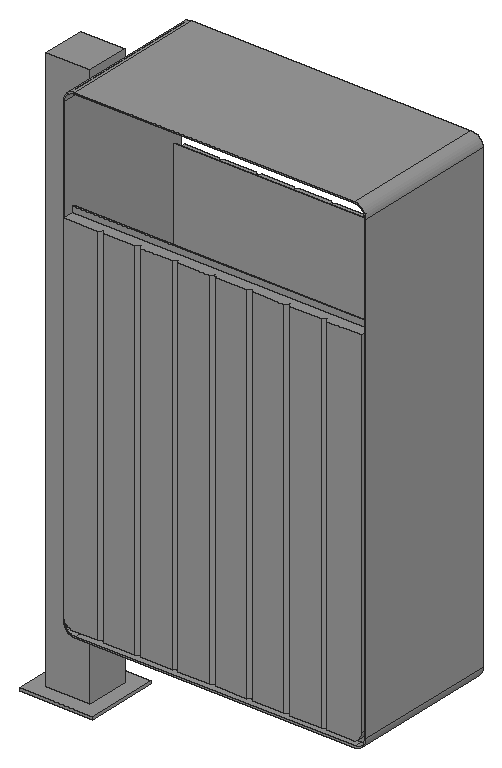
Revit family "Урна «Стефано» на ножке Арт 20576", category Антураж, Revit 2018
Family settings
  На основе рабочей плоскости = Нет
  Всегда вертикально = Да
  При загрузке вырезать с полостями = Нет
  Источник визуального образа = Геометрия семейства
  Общий = Нет
  Точка расчета площади = Нет
Parameters (values of type "Урна «Стефано» на ножке")
  Ширина = 260 mm  # constant formula
  Цвет урны = Черный
  Цвет отделкии = Дерево
  Описание = "Урна «Стефано» на ножке"  # constant formula
  Материал изделия = "Сталь, дерево"  # constant formula
  Изображение типоразмера = Урна «Стефано» на ножке Арт 20576.jpg
  Изготовитель = "ООО «Хоббика»"  # constant formula
  Длина = 620 mm  # constant formula
  Группа модели = "Уличные урны"  # constant formula
  Высота = 1000 mm  # constant formula
  Артикул товара = "Арт. 20576"  # constant formula
  URL = "https://hobbyka.ru/product/urna_stefano_na_nozhke/"
Reference planes
  plane 1 "По центру (Вперед/Назад)": y = 0
  plane 2: z = 0
  plane 3 "По центру (Влево/Вправо)": x = 0
  plane 4: x = 620
  plane 5: y = 260
  plane 6: z = 1000
Forms (mm)
  Extrusion 1, solid, material "Черный" <- "Цвет урны"
    sketch origin (0, 0, 0) x (1, 0, 0) y (0, 0, 1)
      loop
        line (600, 1000) -> (120, 1000)
        arc (120, 1000) -> (105.858, 994.142) -> (100, 980) r 20
        line (100, 980) -> (100, 180)
        arc (100, 180) -> (105.858, 165.858) -> (120, 160) r 20
        line (120, 160) -> (600, 160)
        arc (600, 160) -> (614.142, 165.858) -> (620, 180) r 20
        line (620, 180) -> (620, 980)
        arc (620, 980) -> (614.142, 994.142) -> (600, 1000) r 20
      loop
        line (120, 162) -> (600, 162)
        arc (600, 162) -> (612.728, 167.272) -> (618, 180) r 18
        line (618, 180) -> (618, 980)
        arc (618, 980) -> (612.728, 992.728) -> (600, 998) r 18
        line (600, 998) -> (120, 998)
        arc (120, 998) -> (107.272, 992.728) -> (102, 980) r 18
        line (102, 980) -> (102, 180)
        arc (102, 180) -> (107.272, 167.272) -> (120, 162) r 18
    from -5 to -255
  Extrusion 2, solid, material "Черный" <- "Цвет урны"
    sketch origin (0, 0, 0) x (1, 0, 0) y (0, 0, 1)
      loop
        arc (102, 180) -> (107.272, 167.272) -> (120, 162) r 18
        line (120, 162) -> (600, 162)
        arc (600, 162) -> (612.728, 167.272) -> (618, 180) r 18
        line (618, 180) -> (618, 813) -> (102, 813) -> (102, 180)
    from -20 to -22
  Extrusion 3, solid, material "Черный" <- "Цвет урны"
    sketch origin (0, 0, 0) x (1, 0, 0) y (0, 0, 1)
      loop
        arc (102, 180) -> (107.272, 167.272) -> (120, 162) r 18
        line (120, 162) -> (600, 162)
        arc (600, 162) -> (612.728, 167.272) -> (618, 180) r 18
        line (618, 180) -> (618, 813) -> (102, 813) -> (102, 180)
    from -238 to -240
  Extrusion 4, solid, material "Черный" <- "Цвет урны"
    sketch origin (0, 0, 0) x (1, 0, 0) y (0, 1, 0)
      loop
        line (0, 92.5) -> (75, 92.5) -> (75, 167.5) -> (0, 167.5) -> (0, 92.5)
    from 0 to 980
  Extrusion 5, solid, material "Черный" <- "Цвет урны"
    sketch origin (0, 0, 0) x (1, 0, 0) y (0, 1, 0)
      loop
        line (-25, 192.5) -> (-25, 67.5) -> (100, 67.5) -> (100, 192.5) -> (-25, 192.5)
    from 0 to 5
  Extrusion 6, solid, material "Черный" <- "Цвет урны"
    sketch origin (0, 0, 0) x (1, 0, 0) y (0, 0, 1)
      loop
        line (75, 659.523) -> (75, 559.523) -> (100, 559.523) -> (100, 659.523) -> (75, 659.523)
      loop
        line (75, 354.523) -> (75, 254.523) -> (100, 254.523) -> (100, 354.523) -> (75, 354.523)
    from -133.096 to -120.246
  Extrusion 7, solid, material "Дерево" <- "Цвет отделкии"
    sketch origin (0, 0, 0) x (1, 0, 0) y (0, 0, 1)
      loop
        line (104, 803) -> (104, 190)
        arc (104, 190) -> (108.686, 178.686) -> (120, 174) r 16
        line (120, 174) -> (600, 174)
        arc (600, 174) -> (611.314, 178.686) -> (616, 190) r 16
        line (616, 190) -> (616, 803) -> (104, 803)
    from -20 to 0
  Extrusion 8, solid, material "Дерево" <- "Цвет отделкии"
    sketch origin (0, 260, 0) x (1, 0, 0) y (0, 0, -1)
      loop
        line (104, -803) -> (616, -803) -> (616, -190)
        arc (616, -190) -> (611.314, -178.686) -> (600, -174) r 16
        line (600, -174) -> (120, -174)
        arc (120, -174) -> (108.686, -178.686) -> (104, -190) r 16
        line (104, -190) -> (104, -803)
    from -20 to 0
  Extrusion 9, void
    sketch origin (0, 0, 0) x (1, 0, 0) y (0, 1, 0)
      loop
        line (168, 255) -> (173, 260) -> (163, 260) -> (168, 255)
      loop
        line (232, 255) -> (237, 260) -> (227, 260) -> (232, 255)
      loop
        line (296, 255) -> (301, 260) -> (291, 260) -> (296, 255)
      loop
        line (360, 255) -> (365, 260) -> (355, 260) -> (360, 255)
      loop
        line (424, 255) -> (429, 260) -> (419, 260) -> (424, 255)
      loop
        line (488, 255) -> (493, 260) -> (483, 260) -> (488, 255)
      loop
        line (552, 255) -> (557, 260) -> (547, 260) -> (552, 255)
      loop
        line (168, 5) -> (163, 0) -> (173, 0) -> (168, 5)
      loop
        line (232, 5) -> (227, 0) -> (237, 0) -> (232, 5)
      loop
        line (296, 5) -> (291, 0) -> (301, 0) -> (296, 5)
      loop
        line (360, 5) -> (355, 0) -> (365, 0) -> (360, 5)
      loop
        line (424, 5) -> (419, 0) -> (429, 0) -> (424, 5)
      loop
        line (488, 5) -> (483, 0) -> (493, 0) -> (488, 5)
      loop
        line (552, 5) -> (547, 0) -> (557, 0) -> (552, 5)
    from 174 to 803
Cuts and joins
  Extrusion 9 cuts Extrusion 7
  Extrusion 9 cuts Extrusion 8
Dimensions and locks
  "Длина": plane 3 "По центру (Влево/Вправо)" to plane 4
  "Ширина": plane 5 to plane 1 "По центру (Вперед/Назад)"
  "Высота": plane 6 to plane 2
  aligned and locked: level to plane 2
Automatic sketch dimensions
  Extrusion 1 sketch curve to Extrusion 1 sketch curve = 0 mm  (x8)
  Extrusion 1 sketch curve to plane 6 = 0 mm
  Extrusion 1 sketch curve to plane 4 = 0 mm
  Extrusion 1 sketch curve to Extrusion 1 sketch curve = 2 mm
  Extrusion 1 sketch curve to plane 4 = 20 mm
  Extrusion 1 sketch curve to Extrusion 1 sketch curve = 18 mm  (x2)
  plane 3 "По центру (Влево/Вправо)" to Extrusion 1 sketch curve = 120 mm  (x2)
  level to Extrusion 1 sketch curve = 180 mm
  plane 3 "По центру (Влево/Вправо)" to Extrusion 2 sketch curve = 102 mm
  Extrusion 2 sketch curve to Extrusion 2 sketch curve = 18 mm
  Extrusion 2 sketch curve to plane 4 = 20 mm
  Extrusion 2 sketch curve to plane 4 = 2 mm
  level to Extrusion 2 sketch curve = 162 mm
  Extrusion 2 sketch curve to plane 6 = 187 mm
  plane 3 "По центру (Влево/Вправо)" to Extrusion 3 sketch curve = 102 mm
  Extrusion 3 sketch curve to Extrusion 3 sketch curve = 18 mm
  Extrusion 3 sketch curve to plane 4 = 20 mm
  Extrusion 3 sketch curve to plane 4 = 2 mm
  level to Extrusion 3 sketch curve = 162 mm
  Extrusion 3 sketch curve to plane 6 = 187 mm
  Extrusion 4 sketch curve to plane 3 "По центру (Влево/Вправо)" = 0 mm
  plane 3 "По центру (Влево/Вправо)" to Extrusion 4 sketch curve = 75 mm
  Extrusion 4 sketch curve to plane 1 "По центру (Вперед/Назад)" = 92.5 mm
  Extrusion 4 sketch curve to Extrusion 4 sketch curve = 75 mm
  Extrusion 5 sketch curve to plane 3 "По центру (Влево/Вправо)" = 25 mm
  plane 3 "По центру (Влево/Вправо)" to Extrusion 5 sketch curve = 100 mm
  Extrusion 5 sketch curve to plane 1 "По центру (Вперед/Назад)" = 67.5 mm
  Extrusion 5 sketch curve to plane 5 = 67.5 mm
  plane 3 "По центру (Влево/Вправо)" to Extrusion 6 sketch curve = 75 mm  (x2)
  Extrusion 6 sketch curve to Extrusion 6 sketch curve = 25 mm  (x2)
  level to Extrusion 6 sketch curve = 254.523 mm
  Extrusion 6 sketch curve to Extrusion 6 sketch curve = 100 mm  (x2)
  Extrusion 6 sketch curve to Extrusion 6 sketch curve = 205 mm
  plane 3 "По центру (Влево/Вправо)" to Extrusion 7 sketch curve = 104 mm
  Extrusion 7 sketch curve to Extrusion 7 sketch curve = 16 mm
  Extrusion 7 sketch curve to plane 4 = 20 mm
  Extrusion 7 sketch curve to plane 4 = 4 mm
  level to Extrusion 7 sketch curve = 174 mm
  Extrusion 7 sketch curve to plane 6 = 197 mm
  plane 3 "По центру (Влево/Вправо)" to Extrusion 8 sketch curve = 104 mm
  Extrusion 8 sketch curve to Extrusion 8 sketch curve = 16 mm
  Extrusion 8 sketch curve to plane 4 = 20 mm
  Extrusion 8 sketch curve to plane 4 = 4 mm
  Extrusion 8 sketch curve to plane 6 = 197 mm
  level to Extrusion 8 sketch curve = 190 mm
  plane 1 "По центру (Вперед/Назад)" to Extrusion 9 sketch curve = 0 mm  (x7)
  Extrusion 9 sketch curve to plane 5 = 0 mm  (x7)
  plane 3 "По центру (Влево/Вправо)" to Extrusion 9 sketch curve = 163 mm  (x2)
  Extrusion 9 sketch curve to plane 5 = 5 mm  (x7)
  Extrusion 9 sketch curve to Extrusion 9 sketch curve = 5 mm  (x14)
  Extrusion 9 sketch curve to plane 1 "По центру (Вперед/Назад)" = 5 mm  (x7)
  Extrusion 9 sketch curve to Extrusion 9 sketch curve = 54 mm  (x12)
